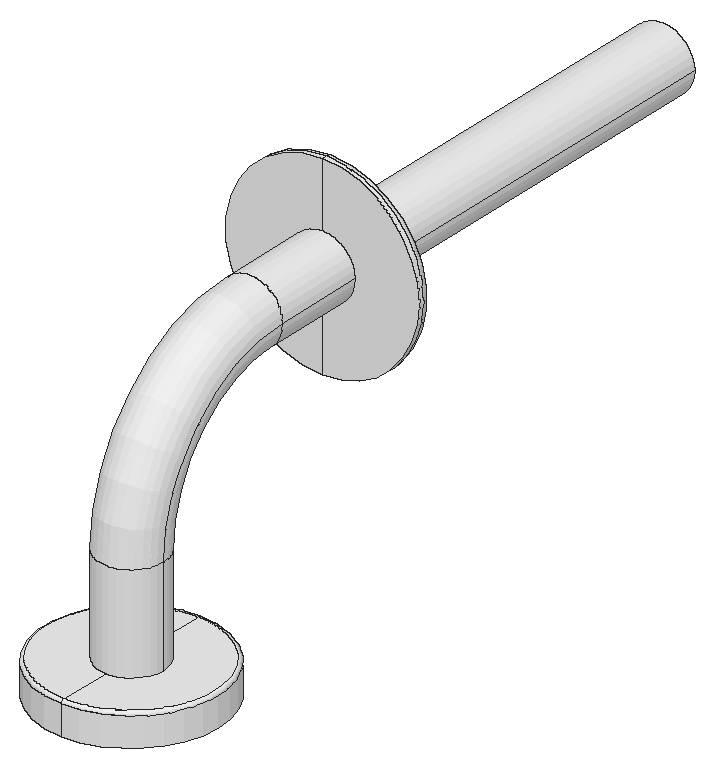
Revit family "Grohe_PlumbingFixture_Essentials_SpareToiletPaperHolder_40385001a", category Plumbing Fixtures, host Face, Revit 2018
Family settings
  Host = Face
  Round Connector Dimension = Use Diameter
  Part Type = Normal
  OmniClass Number = 23.65.00.00
  OmniClass Title = Supply and Distribution of Liquids and Gases
  Cut with Voids When Loaded = No
  Shared = No
  Room Calculation Point = No
Parameters (values of type "40385001")
  _ObjectUserGuide = "www.bimstore.co"
  _DistributedBy = "www.bimstore.co"
  _CurrentRevision = 1
  _CreatedBy = "www.bimstore.co"
  _BimSpecGuid = 0
  _BSBibleVersion = 16
  _AuthorizedBy = "bimstore"
  _Author = "RL"
  WarrantyStartDate [instance] = "Please record on commissioning."
  WarrantyGuarantorParts = "info-uk@grohe.com"
  WarrantyGuarantorLabor = "info-uk@grohe.com"
  WarrantyDurationUnit = "Years"
  WarrantyDurationParts = "0"
  WarrantyDurationLabor = "0"
  WarrantyDescription = "n/a"
  URL = "www.grohe.com"
  TypeName = "ESSENTIALS - SPARE TOILET PAPER HOLDER"
  Type Comments = "SPARE TOILET PAPER HOLDER"
  SpareParts = "info-uk@grohe.com"
  Size = "n/a"
  Shape = "n/a"
  SerialNumber [instance] = "Please record on commissioning."
  ReplacementCost = "n/a"
  ReferencedStandard = "n/a"
  ProductionYear = "2020"
  ProductPageURL = "https://www.grohe.co.uk/en_gb/essentials-spare-toilet-paper-holder-40385001.html"
  ProductDocumentationLink = "n/a"
  PercentageOfRecycledContent = "n/a"
  NominalLength = 0 mm
  NominalHeight = 0 mm
  NominalDepth = 0 mm
  NBSReference = "45-35-72/368"
  NBSOfficeMasterTag = "n/a"
  NBSObjectName = "Grohe - Toilet roll holders"
  NBSNote = ""
  NBSDescription = "Toilet roll holders"
  ModelReference = "ESSENTIALS - SPARE TOILET PAPER HOLDER"
  ModelNumber = "40385001"
  Model = "ESSENTIALS"
  Material = "n/a"
  MasterformatTitle = "Sanitary Facilities"
  MasterformatNumber = "01 52 19"
  ManufacturerName = "Grohe"
  Manufacturer = "Grohe"
  LowEmittingMaterial = no
  LEEDCredit = "n/a"
  Keynote = "N13"
  InstallationDate [instance] = "Please record on commissioning."
  IndustryStandards = "n/a"
  IfcExportType = "IfcPipeFittingType"
  IfcExportAs = "IfcPipeFitting"
  HotWaterConnectionDiameter = 10 mm
  HWFU = 0
  Grade = "n/a"
  Finish = "n/a"
  Features = "material: metal \r\nwall mounted \r\nconcealed fastening \r\nGROHE StarLight chrome finish \r\nsuitable for screwing (including screws and dowels) or gluing (glue 40 915 000 sold separately)"
  FaucetMaterial = Grohe-Chrome
  ExpectedLife = 0
  Ecojoy = no
  DurationUnit = "Years"
  DocumentationTechnical = "www.grohe.co.uk/"
  DocumentationMaintenance = "www.grohe.co.uk/"
  DocumentationLiterature = "www.grohe.co.uk/"
  DocumentationInstallationGuide = "www.grohe.co.uk/"
  DocumentationCertificates = "www.grohe.co.uk/"
  Description = "With the beautifully made GROHE Essentials spare toilet paper holder there are no more emergencies – guaranteed! The holder, which is German engineered with concealed fastenings, has a durable, easy-care GROHE StarLight chrome finish that will sparkle for years and is incredibly easy to fit – just follow the clear step-by-step instructions. Don’t forget to check out other products in the comprehensive collection such as the robe hook, toilet brush set and numerous towel rails and bath grips. Or for added ease and convenience, why not try one of our handy all-in-one sets? GROHE Essentials accessories – precision craftsmanship, highest quality materials and design that lasts. The finishing touch that gives a professional feel to bathrooms of all designs!"
  Default Elevation = 0 mm
  CreatedOn = "2020-03-01T09:00:00"
  CreatedBy = "info-uk@grohe.com"
  Cost = 0
  ContactGrohe = "info-uk@grohe.com"
  Constituents = "n/a"
  Color = "Chrome"
  ColdWaterConnectionDiameter = 10 mm
  CodePerformance = "n/a"
  ClassificationValue = "Pr_40_20_76_88"
  ClassificationName = "Uniclass 2015"
  CWFU = 0
  BarCode [instance] = "Please record on commissioning."
  BIMObjectName = "Grohe_PlumbingFixture_Essentials_SpareToiletPaperHolder_40385001"
  AssetType = "Fixed"
  AssetIdentifier [instance] = "Please record on commissioning."
  Assembly Code = "D2010"
  AccessibilityPerformance = "n/a"
  ADACompliant = no
Reference planes
  plane 1 "Center (Front/Back)": y = 0
  plane 2: z = 0
  plane 3 "Center (Left/Right)": x = 0
Forms (mm)
  Revolve 1, solid, material "Grohe-Chrome" <- "FaucetMaterial"
    sketch origin (0, 0, 0) x (0, 1, 0) y (0, 0, 1)
      loop
        line (26, 10) -> (0, 10) -> (0, 0) -> (27, 0) -> (27, 9)
        arc (27, 9) -> (26.707, 9.707) -> (26, 10) r 1
      axis (0, 10) -> (0, 0)
    angle from 0 to 360
  Revolve 2, solid, material "Grohe-Chrome" <- "FaucetMaterial"
    sketch origin (0, 0, 0) x (0, 1, 0) y (0, 0, 1)
      loop
        line (74, 86) -> (74, 56) -> (75.5, 56)
        arc (75.5, 56) -> (77.621, 56.879) -> (78.5, 59) r 3
        line (78.5, 59) -> (78.5, 86) -> (74, 86)
      axis (78.5, 86) -> (74, 86)
    angle from 0 to 360
  Sweep 3, solid, material "Grohe-Chrome" <- "FaucetMaterial"
    path origin (0, 0, 0) x (0, 1, 0) y (0, 0, 1)
      loop
        line (205.5, 86) -> (46, 86)
        arc (46, 86) -> (13.473, 72.527) -> (0, 40) r 46
        line (0, 40) -> (0, 10)
    profile origin (0, 125.75, 86) x (0, 0, -1) y (1, 0, 0)
      loop
        circle (0, 0) r 10
Cuts and joins
  joined: Revolve 1, Revolve 2, Sweep 3
Dimensions and locks
  aligned and locked: plane 2 to host face
  aligned and locked: level to host face
